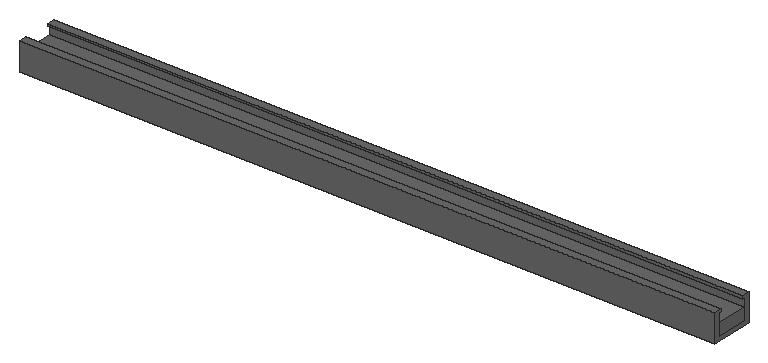
Revit family "ARKOSLIGHT_Minimal Track 24V_Profile + Rubber Cable Xm", category Lighting Fixtures, host Face, Revit 2019
Family settings
  Host = Face
  Round Connector Dimension = Use Diameter
  Part Type = Normal
  Cut with Voids When Loaded = No
  Light Source = No
  Shared = No
  Room Calculation Point = No
Parameters (values of type "A3840X00N - MINIMAL TRACK 24V PROFILE XM N + A3840001N - RUBBER CABLE")
  URL = "https://www.arkoslight.com/en/product/24vmt-es/"
  Model = ARKOSLIGHT_Model  # "ACCESSORIES"
  Manufacturer = "ARKOSLIGHT"  # constant formula
  Length [instance] = 250 mm
  Description = "Select the number and length of profiles suitable for the defined length. End cap kit and other accessories not included"
  ARKOSLIGHT_Series = "TRACK 24V ACCESSORIES"  # constant formula
  ARKOSLIGHT_Reference = "A3840X00N"
  ARKOSLIGHT_Model = "ACCESSORIES"  # constant formula
  ARKOSLIGHT_Initial Cap [instance] = no
  ARKOSLIGHT_End Cap [instance] = no
  ARKOSLIGHT_Color = "Black"
  ARKOSLIGHT_Fixture Type = "ACCESSORIES"  # constant formula
  Default Elevation = 0 mm
  Apparent Load = 0 VA  # constant formula
  ARKOSLIGHT_Body Color = ARKOSLIGHT_Black
Types (2, lengths in mm): name | ARKOSLIGHT_Reference | ARKOSLIGHT_Color | ARKOSLIGHT_Body Color
  A3840X00WT - MINIMAL TRACK 24V PROFILE XM WT + A3840001N - RUBBER CABLE | "A3840X00WT" | "Textured white" | ARKOSLIGHT_Textured white
  A3840X00N - MINIMAL TRACK 24V PROFILE XM N + A3840001N - RUBBER CABLE | "A3840X00N" | "Black" | ARKOSLIGHT_Black
Reference planes
  plane 1 "Center (Front/Back)": y = 0
  plane 2: z = 0
  plane 3 "Center (Left/Right)": x = 0
  plane 4: x = 125
  plane 5: x = -125
  plane 6: y = 7.5
  plane 7: y = -7.5
  plane 8: z = 10
  plane 9: x = -125.8
  plane 10: x = 125.8
Forms (mm)
  Extrusion 1, solid, material "ARKOSLIGHT_Black" <- "ARKOSLIGHT_Body Color"
    sketch origin (-125, -221.408, 1219.2) x (0, -1, 0) y (0, 0, -1)
      loop
        line (-228.908, 1219.2) -> (-228.908, 1209.2) -> (-226.408, 1209.2) -> (-226.408, 1210.1) -> (-227.308, 1210.1) -> (-227.308, 1217.6) -> (-215.508, 1217.6) -> (-215.508, 1210.1) -> (-216.408, 1210.1) -> (-216.408, 1209.2) -> (-213.908, 1209.2) -> (-213.908, 1219.2) -> (-228.908, 1219.2)
    from 0 to 250
  Extrusion 2, solid, material "ARKOSLIGHT_Black"
    sketch origin (-125, -221.408, 1219.2) x (0, -1, 0) y (0, 0, -1)
      loop
        line (-227.308, 1217.6) -> (-227.308, 1213.2) -> (-215.508, 1213.2) -> (-215.508, 1217.6) -> (-227.308, 1217.6)
    from 0 to 250
  Extrusion 3, solid, material "ARKOSLIGHT_Black" <- "ARKOSLIGHT_Body Color", visible <- "ARKOSLIGHT_End Cap"
    sketch origin (0, 0, 0) x (1, 0, 0) y (0, 1, 0)
      loop
        line (125, 7.5) -> (125, -7.5) -> (125.8, -7.5) -> (125.8, 7.5) -> (125, 7.5)
    from 0 to 10
  Extrusion 4, solid, material "ARKOSLIGHT_Black" <- "ARKOSLIGHT_Body Color", visible <- "ARKOSLIGHT_Initial Cap"
    sketch origin (0, 0, 0) x (-1, 0, 0) y (0, -1, 0)
      loop
        line (125, -7.5) -> (125.8, -7.5) -> (125.8, 7.5) -> (125, 7.5) -> (125, -7.5)
    from 0 to 10
Dimensions and locks
  "Length": plane 5 to plane 4
  locked: plane 8 to plane 2 at 10
  equal spacing: plane 5, plane 3 "Center (Left/Right)", plane 4
  equal spacing: plane 6, plane 1 "Center (Front/Back)", plane 7
  locked: plane 6 to plane 7 at 15
  locked: plane 9 to plane 5 at 0.8
  locked: plane 4 to plane 10 at 0.8
  aligned and locked: plane 2 to host face
  aligned and locked: level to host face
  aligned and locked: Extrusion 1 to plane 5
  aligned and locked: Extrusion 1 to plane 4
  aligned and locked: plane 6 to Extrusion 1 sketch curve
  aligned and locked: plane 7 to Extrusion 1 sketch curve
  aligned and locked: plane 8 to Extrusion 1 sketch curve
  aligned and locked: plane 2 to Extrusion 1 sketch curve
  aligned and locked: Extrusion 2 to plane 4
  aligned and locked: Extrusion 2 to plane 5
  aligned and locked: Extrusion 3 sketch curve to Extrusion 1  (x2)
  aligned and locked: plane 7 to Extrusion 3 sketch curve
  aligned and locked: plane 10 to Extrusion 3 sketch curve
  aligned and locked: Extrusion 4 sketch curve to plane 9
  aligned and locked: plane 5 to Extrusion 4 sketch curve
  aligned and locked: plane 6 to Extrusion 4 sketch curve
  aligned and locked: Extrusion 4 sketch curve to plane 7
  aligned and locked: Extrusion 4 to plane 2
  aligned and locked: plane 8 to Extrusion 4
  aligned and locked: plane 8 to Extrusion 3
  aligned and locked: Extrusion 3 to plane 2
Automatic sketch dimensions
  host sketch curve to host sketch curve = 486.772 mm
  host sketch curve to host sketch curve = 1105.173 mm
  Extrusion 1 sketch curve to plane 8 = 0 mm
  plane 6 to Extrusion 1 sketch curve = 1.6 mm
  Extrusion 1 sketch curve to Extrusion 1 sketch curve = 0.9 mm  (x2)
  plane 8 to Extrusion 1 sketch curve = 0.9 mm  (x2)
  Extrusion 1 sketch curve to plane 7 = 2.5 mm
  Extrusion 1 sketch curve to level = 1.6 mm
  plane 6 to Extrusion 2 sketch curve = 1.6 mm
  Extrusion 2 sketch curve to plane 7 = 1.6 mm
  Extrusion 2 sketch curve to level = 1.6 mm
  plane 8 to Extrusion 2 sketch curve = 4 mm
